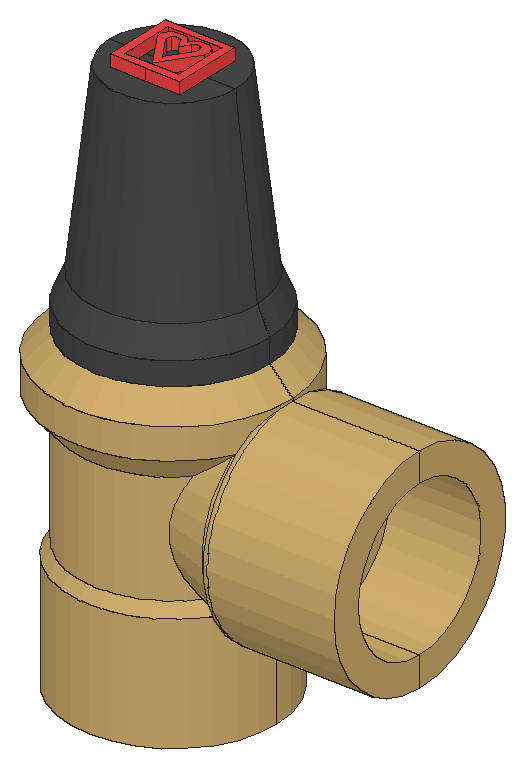
Revit family "pressure Relief safety valve 26xx", category Rohrzubehör, Revit 2020
Family settings
  Bemaßung runder Anschluss = Durchmesser verwenden
  Teiletyp = Normal
  OmniClass-Nummer = 23.65.55.14
  OmniClass-Titel = Valves for Liquid Services
  Arbeitsebenenbasiert = Nein
  Immer vertikal = Ja
  Beim Laden mit Abzugskörper schneiden = Nein
  Gemeinsam genutzt = Nein
Parameters (values of type "PN8")
  min. Temperature = 0 °C  # constant formula
  max. Temperature = 110 °C  # constant formula
  Weight [instance] = if(PN1.8, size_lookup("26XX_PN1.8", "Gewicht", 0.19, Nennweite), if(PN2.5, size_lookup("26XX_PN2.5", "Gewicht", 0.19, Nennweite), if(PN3, size_lookup("26XX_PN3", "Gewicht", 0.19, Nennweite), if(PN4, size_lookup("26XX_PN4", "Gewicht", 0.19, Nennweite), if(PN5, size_lookup("26XX_PN5", "Gewicht", 0.19, Nennweite), if(PN6, size_lookup("26XX_PN6", "Gewicht", 0.19, Nennweite), if(PN8, size_lookup("26XX_PN8", "Gewicht", 0.19, Nennweite), size_lookup("26XX_PN10", "Gewicht", 269501, Nennweite))))))))  # 0.118
  WS01 = 70.00°  # constant formula
  Vorgabe-Ansicht = 0.0000 mm
  URL = "www.herzvalves.com"
  Spring = "spring steel W.Nr. 1.4310"  # constant formula
  SCRNSEQ = "AWI;AWI_TYP=\"1015\";2"
  SCRNCODE = "05;21;02"  # constant formula
  S03 = 10.5000 mm  # constant formula
  S02 [instance] = H02 + H05  # 47.5000 mm
  S01 = 8.0000 mm  # constant formula
  R11 = 1.0000 mm  # constant formula
  R10 [instance] = (Nennweite Aus / 2) + 3.8000 mm  # 13.8000 mm
  R09 [instance] = Nennweite Aus / 2  # 10.0000 mm
  R08 [instance] = (Nennweite / 2) + 3.5000 mm  # 11.0000 mm
  R07 [instance] = R08 - 2.8000 mm  # 8.2000 mm
  R06 [instance] = Nennweite / 2  # 7.5000 mm
  R05 [instance] = Nennweite / 2  # 7.5000 mm
  R04 [instance] = if(PN1.8, size_lookup("26XX_PN1.8", "SW", 40.0000 mm, Nennweite), if(PN2.5, size_lookup("26XX_PN2.5", "SW", 40.0000 mm, Nennweite), if(PN3, size_lookup("26XX_PN3", "SW", 40.0000 mm, Nennweite), if(PN4, size_lookup("26XX_PN4", "SW", 40.0000 mm, Nennweite), if(PN5, size_lookup("26XX_PN5", "SW", 40.0000 mm, Nennweite), if(PN6, size_lookup("26XX_PN6", "SW", 40.0000 mm, Nennweite), if(PN8, size_lookup("26XX_PN8", "SW", 40.0000 mm, Nennweite), size_lookup("26XX_PN10", "SW", 269501.0000 mm, Nennweite))))))))  # 13.5000 mm
  R03 [instance] = (Nennweite / 2) + 5.0000 mm  # 12.5000 mm
  R02 [instance] = R04 + 2.0000 mm  # 15.5000 mm
  Part number [instance] = if(PN1.8, size_lookup("26XX_PN1.8", "Artnr", 0, Nennweite), if(PN2.5, size_lookup("26XX_PN2.5", "Artnr", 0, Nennweite), if(PN3, size_lookup("26XX_PN3", "Artnr", 0, Nennweite), if(PN4, size_lookup("26XX_PN4", "Artnr", 0, Nennweite), if(PN5, size_lookup("26XX_PN5", "Artnr", 0, Nennweite), if(PN6, size_lookup("26XX_PN6", "Artnr", 0, Nennweite), if(PN8, size_lookup("26XX_PN8", "Artnr", 0, Nennweite), size_lookup("26XX_PN10", "Artnr", 0, Nennweite))))))))  # 1268501
  PN8 = yes
  PN6 = no
  PN5 = no
  PN4 = no
  PN3 = no
  PN2.5 = no
  PN10 = no
  PN1.8 = no
  Nennweite Aus [instance] = if(PN1.8, size_lookup("26XX_PN1.8", "DN1", 38.1000 mm, Nennweite), if(PN2.5, size_lookup("26XX_PN2.5", "DN1", 38.1000 mm, Nennweite), if(PN3, size_lookup("26XX_PN3", "DN1", 38.1000 mm, Nennweite), if(PN4, size_lookup("26XX_PN4", "DN1", 38.1000 mm, Nennweite), if(PN5, size_lookup("26XX_PN5", "DN1", 38.1000 mm, Nennweite), if(PN6, size_lookup("26XX_PN6", "DN1", 38.1000 mm, Nennweite), if(PN8, size_lookup("26XX_PN8", "DN1", 38.1000 mm, Nennweite), size_lookup("26XX_PN10", "DN1", 38.1000 mm, Nennweite))))))))  # 20.0000 mm
  Nennweite [instance] = 15.0000 mm
  Name plate = "plastic PA6"  # constant formula
  Medium = "water purity in accordance with the ÖNORM H 5195 and VDI 2035 standards"
  Lid = "plastic PA6 (DN15-20), CW617N (DN25-32)"  # constant formula
  LO1 [instance] = H02 + H05 - 1.0000 mm  # 46.5000 mm
  L02 [instance] = if(PN1.8, size_lookup("26XX_PN1.8", "L2", 17.5000 mm, Nennweite), if(PN2.5, size_lookup("26XX_PN2.5", "L2", 17.5000 mm, Nennweite), if(PN3, size_lookup("26XX_PN3", "L2", 17.5000 mm, Nennweite), if(PN4, size_lookup("26XX_PN4", "L2", 17.5000 mm, Nennweite), if(PN5, size_lookup("26XX_PN5", "L2", 17.5000 mm, Nennweite), if(PN6, size_lookup("26XX_PN6", "L2", 17.5000 mm, Nennweite), if(PN8, size_lookup("26XX_PN8", "L2", 17.5000 mm, Nennweite), size_lookup("26XX_PN10", "L2", 269501.0000 mm, Nennweite))))))))  # 17.5000 mm
  L01 [instance] = if(PN1.8, size_lookup("26XX_PN1.8", "L1", 12.0000 mm, Nennweite), if(PN2.5, size_lookup("26XX_PN2.5", "L1", 12.0000 mm, Nennweite), if(PN3, size_lookup("26XX_PN3", "L1", 12.0000 mm, Nennweite), if(PN4, size_lookup("26XX_PN4", "L1", 12.0000 mm, Nennweite), if(PN5, size_lookup("26XX_PN5", "L1", 12.0000 mm, Nennweite), if(PN6, size_lookup("26XX_PN6", "L1", 12.0000 mm, Nennweite), if(PN8, size_lookup("26XX_PN8", "L1", 12.0000 mm, Nennweite), size_lookup("26XX_PN10", "L1", 269501.0000 mm, Nennweite))))))))  # 12.0000 mm
  L00 [instance] = if(PN1.8, size_lookup("26XX_PN1.8", "L", 52.0000 mm, Nennweite), if(PN2.5, size_lookup("26XX_PN2.5", "L", 52.0000 mm, Nennweite), if(PN3, size_lookup("26XX_PN3", "L", 52.0000 mm, Nennweite), if(PN4, size_lookup("26XX_PN4", "L", 52.0000 mm, Nennweite), if(PN5, size_lookup("26XX_PN5", "L", 52.0000 mm, Nennweite), if(PN6, size_lookup("26XX_PN6", "L", 52.0000 mm, Nennweite), if(PN8, size_lookup("26XX_PN8", "L", 52.0000 mm, Nennweite), size_lookup("26XX_PN10", "L", 269501.0000 mm, Nennweite))))))))  # 32.0000 mm
  Internal threaded connectors = "acc. to ISO 228-1"  # constant formula
  H08 [instance] = if(PN1.8, size_lookup("26XX_PN1.8", "H8", 21.0000 mm, Nennweite), if(PN2.5, size_lookup("26XX_PN2.5", "H8", 21.0000 mm, Nennweite), if(PN3, size_lookup("26XX_PN3", "H8", 21.0000 mm, Nennweite), if(PN4, size_lookup("26XX_PN4", "H8", 21.0000 mm, Nennweite), if(PN5, size_lookup("26XX_PN5", "H8", 21.0000 mm, Nennweite), if(PN6, size_lookup("26XX_PN6", "H8", 21.0000 mm, Nennweite), if(PN8, size_lookup("26XX_PN8", "H8", 21.0000 mm, Nennweite), size_lookup("26XX_PN10", "H8", 269501.0000 mm, Nennweite))))))))  # 6.5000 mm
  H07 [instance] = if(PN1.8, size_lookup("26XX_PN1.8", "H7", 3.0000 mm, Nennweite), if(PN2.5, size_lookup("26XX_PN2.5", "H7", 3.0000 mm, Nennweite), if(PN3, size_lookup("26XX_PN3", "H7", 3.0000 mm, Nennweite), if(PN4, size_lookup("26XX_PN4", "H7", 3.0000 mm, Nennweite), if(PN5, size_lookup("26XX_PN5", "H7", 3.0000 mm, Nennweite), if(PN6, size_lookup("26XX_PN6", "H7", 3.0000 mm, Nennweite), if(PN8, size_lookup("26XX_PN8", "H7", 3.0000 mm, Nennweite), size_lookup("26XX_PN10", "H7", 269501.0000 mm, Nennweite))))))))  # 3.0000 mm
  H06 [instance] = if(PN1.8, size_lookup("26XX_PN1.8", "H6", 15.0000 mm, Nennweite), if(PN2.5, size_lookup("26XX_PN2.5", "H6", 15.0000 mm, Nennweite), if(PN3, size_lookup("26XX_PN3", "H6", 15.0000 mm, Nennweite), if(PN4, size_lookup("26XX_PN4", "H6", 15.0000 mm, Nennweite), if(PN5, size_lookup("26XX_PN5", "H6", 15.0000 mm, Nennweite), if(PN6, size_lookup("26XX_PN6", "H6", 15.0000 mm, Nennweite), if(PN8, size_lookup("26XX_PN8", "H6", 15.0000 mm, Nennweite), size_lookup("26XX_PN10", "H6", 269501.0000 mm, Nennweite))))))))  # 15.0000 mm
  H05 [instance] = if(PN1.8, size_lookup("26XX_PN1.8", "H5", 30.0000 mm, Nennweite), if(PN2.5, size_lookup("26XX_PN2.5", "H5", 30.0000 mm, Nennweite), if(PN3, size_lookup("26XX_PN3", "H5", 30.0000 mm, Nennweite), if(PN4, size_lookup("26XX_PN4", "H5", 30.0000 mm, Nennweite), if(PN5, size_lookup("26XX_PN5", "H5", 30.0000 mm, Nennweite), if(PN6, size_lookup("26XX_PN6", "H5", 30.0000 mm, Nennweite), if(PN8, size_lookup("26XX_PN8", "H5", 30.0000 mm, Nennweite), size_lookup("26XX_PN10", "H5", 269501.0000 mm, Nennweite))))))))  # 30.5000 mm
  H04 [instance] = if(PN1.8, size_lookup("26XX_PN1.8", "H4", 12.0000 mm, Nennweite), if(PN2.5, size_lookup("26XX_PN2.5", "H4", 12.0000 mm, Nennweite), if(PN3, size_lookup("26XX_PN3", "H4", 12.0000 mm, Nennweite), if(PN4, size_lookup("26XX_PN4", "H4", 12.0000 mm, Nennweite), if(PN5, size_lookup("26XX_PN5", "H4", 12.0000 mm, Nennweite), if(PN6, size_lookup("26XX_PN6", "H4", 12.0000 mm, Nennweite), if(PN8, size_lookup("26XX_PN8", "H4", 12.0000 mm, Nennweite), size_lookup("26XX_PN10", "H4", 269501.0000 mm, Nennweite))))))))  # 12.0000 mm
  H00 [instance] = if(PN1.8, size_lookup("26XX_PN1.8", "H", 72.0000 mm, Nennweite), if(PN2.5, size_lookup("26XX_PN2.5", "H", 72.0000 mm, Nennweite), if(PN3, size_lookup("26XX_PN3", "H", 72.0000 mm, Nennweite), if(PN4, size_lookup("26XX_PN4", "H", 72.0000 mm, Nennweite), if(PN5, size_lookup("26XX_PN5", "H", 72.0000 mm, Nennweite), if(PN6, size_lookup("26XX_PN6", "H", 72.0000 mm, Nennweite), if(PN8, size_lookup("26XX_PN8", "H", 72.0000 mm, Nennweite), size_lookup("26XX_PN10", "H", 269501.0000 mm, Nennweite))))))))  # 72.0000 mm
  H03 [instance] = if(PN1.8, size_lookup("26XX_PN1.8", "H3", 4.0000 mm, Nennweite), if(PN2.5, size_lookup("26XX_PN2.5", "H3", 4.0000 mm, Nennweite), if(PN3, size_lookup("26XX_PN3", "H3", 4.0000 mm, Nennweite), if(PN4, size_lookup("26XX_PN4", "H3", 4.0000 mm, Nennweite), if(PN5, size_lookup("26XX_PN5", "H3", 4.0000 mm, Nennweite), if(PN6, size_lookup("26XX_PN6", "H3", 4.0000 mm, Nennweite), if(PN8, size_lookup("26XX_PN8", "H3", 4.0000 mm, Nennweite), size_lookup("26XX_PN10", "H3", 269501.0000 mm, Nennweite))))))))  # 4.0000 mm
  H02 [instance] = H00 - (H01 + H05)  # 17.0000 mm
  H01 [instance] = if(PN1.8, size_lookup("26XX_PN1.8", "H1", 30.0000 mm, Nennweite), if(PN2.5, size_lookup("26XX_PN2.5", "H1", 30.0000 mm, Nennweite), if(PN3, size_lookup("26XX_PN3", "H1", 30.0000 mm, Nennweite), if(PN4, size_lookup("26XX_PN4", "H1", 30.0000 mm, Nennweite), if(PN5, size_lookup("26XX_PN5", "H1", 30.0000 mm, Nennweite), if(PN6, size_lookup("26XX_PN6", "H1", 30.0000 mm, Nennweite), if(PN8, size_lookup("26XX_PN8", "H1", 30.0000 mm, Nennweite), size_lookup("26XX_PN10", "H1", 24.5000 mm, Nennweite))))))))  # 24.5000 mm
  Hersteller = "Herz-Armaturen GmbH"  # constant formula
  Field of application = "HERZ pressure relief valve is used as a protective element on the central heating boilers and in closed heating systems.\r\nit protects the boiler and installation against increased pressure.\r\nopening pressure is equal to the nominal pressure."
  Diaphragm = "VMQ-Silicon 50 Sha"  # constant formula
  DN32 [instance] = Nennweite = 32.0000 mm  # no
  DN25 [instance] = Nennweite = 25.0000 mm  # no
  DN20 [instance] = Nennweite = 20.0000 mm  # no
  DN15 [instance] = Nennweite = 15.0000 mm  # yes
  Cap = "plastic PA6"  # constant formula
  Body = "forged brass acc. to EN12165, CW617N"  # constant formula
Types (9, lengths in mm): name | Weight | S02 | R10 | R09 | R08 | R07 | R06 | R05 | R04 | R03 | R02 | Part number | PN8 | PN6 | PN5 | PN4 | PN3 | PN2.5 | PN10 | PN1.8 | Nennweite Aus | Nennweite | LO1 | L00 | H08 | H05 | H00 | H02 | H01 | DN32 | DN25 | DN20 | DN15
  (no name) | 0.118 | 47.5000 | 13.8000 | 10.0000 | 11.0000 | 8.2000 | 7.5000 | 7.5000 | 13.5000 | 12.5000 | 15.5000 | 1268501 | yes | no | no | no | no | no | no | no | 20.0000 | 15.0000 | 46.5000 | 32.0000 | 6.5000 | 30.5000 | 72.0000 | 17.0000 | 24.5000 | no | no | no | yes
  PN1.8 | 0.19 | 44.7500 | 16.3000 | 12.5000 | 13.5000 | 10.7000 | 10.0000 | 10.0000 | 16.0000 | 15.0000 | 18.0000 | 1261802 | no | no | no | no | no | no | no | yes | 25.0000 | 20.0000 | 43.7500 | 35.0000 | 9.7500 | 25.0000 | 72.0000 | 19.7500 | 27.2500 | no | no | yes | no
  PN2.5 | 0.118 | 47.5000 | 13.8000 | 10.0000 | 11.0000 | 8.2000 | 7.5000 | 7.5000 | 13.5000 | 12.5000 | 15.5000 | 1261101 | no | no | no | no | no | yes | no | no | 20.0000 | 15.0000 | 46.5000 | 32.0000 | 6.5000 | 30.5000 | 72.0000 | 17.0000 | 24.5000 | no | no | no | yes
  PN3 | 0.728 | 64.2500 | 23.8000 | 20.0000 | 19.5000 | 16.7000 | 16.0000 | 16.0000 | 25.0000 | 21.0000 | 27.0000 | 1261004 | no | no | no | no | yes | no | no | no | 40.0000 | 32.0000 | 63.2500 | 52.0000 | 21.5000 | 32.7500 | 97.0000 | 31.5000 | 32.7500 | yes | no | no | no
  PN4 | 0.118 | 47.5000 | 13.8000 | 10.0000 | 11.0000 | 8.2000 | 7.5000 | 7.5000 | 13.5000 | 12.5000 | 15.5000 | 1261501 | no | no | no | yes | no | no | no | no | 20.0000 | 15.0000 | 46.5000 | 32.0000 | 6.5000 | 30.5000 | 72.0000 | 17.0000 | 24.5000 | no | no | no | yes
  PN5 | 0.54 | 67.0000 | 19.8000 | 16.0000 | 16.0000 | 13.2000 | 12.5000 | 12.5000 | 20.5000 | 17.5000 | 22.5000 | 1265703 | no | no | yes | no | no | no | no | no | 32.0000 | 25.0000 | 66.0000 | 50.0000 | 13.0000 | 44.0000 | 97.0000 | 23.0000 | 30.0000 | no | yes | no | no
  PN6 | 0.118 | 47.5000 | 13.8000 | 10.0000 | 11.0000 | 8.2000 | 7.5000 | 7.5000 | 13.5000 | 12.5000 | 15.5000 | 1261301 | no | yes | no | no | no | no | no | no | 20.0000 | 15.0000 | 46.5000 | 32.0000 | 6.5000 | 30.5000 | 72.0000 | 17.0000 | 24.5000 | no | no | no | yes
  PN8 | 0.118 | 47.5000 | 13.8000 | 10.0000 | 11.0000 | 8.2000 | 7.5000 | 7.5000 | 13.5000 | 12.5000 | 15.5000 | 1268501 | yes | no | no | no | no | no | no | no | 20.0000 | 15.0000 | 46.5000 | 32.0000 | 6.5000 | 30.5000 | 72.0000 | 17.0000 | 24.5000 | no | no | no | yes
  PN10 | 0.118 | 47.5000 | 13.8000 | 10.0000 | 11.0000 | 8.2000 | 7.5000 | 7.5000 | 13.5000 | 12.5000 | 15.5000 | 1269501 | no | no | no | no | no | no | yes | no | 20.0000 | 15.0000 | 46.5000 | 32.0000 | 6.5000 | 30.5000 | 72.0000 | 17.0000 | 24.5000 | no | no | no | yes
Reference planes
  plane 1 "Mitte (Vorne/hinten)": y = 0
  plane 2: z = 0
  plane 3 "Mitte (Links/rechts)": x = 0
Forms (mm)
  Revolve 1, solid, material "Kunststoff schwarz", detail levels fine
    sketch origin (0, 0, 0) x (1, 0, 0) y (0, 0, 1)
      loop
        line (0, 47.5) -> (-8.2, 47.5) -> (-11, 23.493) -> (-12.5, 20) -> (-12.5, 17) -> (0, 17) -> (0, 47.5)
      axis (0, 47.5) -> (0, 17)
    angle from 0 to 360
  Revolve 2, solid, material "Messing", detail levels fine
    sketch origin (0, 0, 0) x (1, 0, 0) y (0, 0, 1)
      loop
        line (-15.5, 14) -> (-15.5, 10) -> (-12.5, 6.5) -> (-12.5, -7.886) -> (-13.5, -9.5) -> (-13.5, -24.5) -> (-7.5, -24.5) -> (-7.5, -12.5) -> (0, -12.5) -> (0, 17) -> (-12.5, 17) -> (-15.5, 14)
      axis (0, 17) -> (0, -24.5)
    angle from 0 to 360
  Revolve 3, solid, material "Messing", detail levels fine
    sketch origin (18.5, 0, 0) x (1, 0, 0) y (0, 0, 1)
      loop
        line (13.5, 10) -> (13.5, 13.8) -> (-3.06, 13.8)
        arc (-3.06, 13.8) -> (-3.634, 13.619) -> (-4, 13.142) r 1
        arc (-4, 13.142) -> (-4.293, 12.435) -> (-5, 12.142) r 1
        line (-5, 12.142) -> (-18.5, 7.5) -> (-18.5, 0) -> (1.5, 0) -> (1.5, 10) -> (13.5, 10)
      axis (-18.5, 0) -> (13.5, 0)
    angle from 0 to 360
Lines and regions (mm)
  model lines, detail levels coarse+medium
    curve 1: line (0.003, 0, -0.007) -> (0.003, 0, 47.5)
    curve 2: line (0.003, 0, -0.007) -> (-13.5, 0, -24.5)
    curve 3: line (-13.5, 0, -24.5) -> (13.5, 0, -24.5)
    curve 4: line (13.5, 0, -24.5) -> (0.003, 0, -0.007)
    curve 5: line (0.003, 0, -0.007) -> (32, 0, -13.8)
    curve 6: line (32, 0, -13.8) -> (32, 0, 13.8)
    curve 7: line (32, 0, 13.8) -> (0.003, 0, -0.007)
    curve 8: line (-10.5, 0, 48.643) -> (10.5, 0, 41)
    curve 9: line (-10.5, 0, 40.643) -> (10.5, 0, 33)
    curve 10: line (-10.5, 0, 32.643) -> (10.5, 0, 25)
    curve 11: line (-10.5, 0, 24.643) -> (10.5, 0, 17)
    curve 12: line (0, 0, 0) -> (32, 13.8, 0)
    curve 13: line (32, 13.8, 0) -> (32, -13.8, 0)
    curve 14: line (32, -13.8, 0) -> (0, 0, 0)
    curve 15: line (0, 0, 0) -> (-13.5, -24.5, 0)
    curve 16: line (-13.5, -24.5, 0) -> (13.5, -24.5, 0)
    curve 17: line (13.5, -24.5, 0) -> (0, 0, 0)
    curve 18: line (0, 0, 0) -> (0, 47.5, 0)
    curve 19: line (-10.5, 48.643, 0) -> (10.5, 41, 0)
    curve 20: line (-10.5, 40.643, 0) -> (10.5, 33, 0)
    curve 21: line (-10.5, 32.643, 0) -> (10.5, 25, 0)
    curve 22: line (-10.5, 24.643, 0) -> (10.5, 17, 0)
Dimensions and locks
  "R03": Revolve 2 sketch curve to Revolve 2 sketch curve  (x2)
  "R02": Revolve 2 sketch curve to Revolve 2 sketch curve
  "R04": Revolve 2 sketch curve to Revolve 2 sketch curve
  "R05": Revolve 2 sketch curve to Revolve 2 sketch curve
  "H01": level to Revolve 2 sketch curve
  "H02": Revolve 2 sketch curve to level
  "R03": Revolve 1 sketch curve to Revolve 1 sketch curve
  "R07": Revolve 1 sketch curve to Revolve 1 sketch curve
  "R08": Revolve 1 sketch curve to Revolve 1 sketch curve
  "R06": Revolve 3 sketch curve to Revolve 3 sketch curve
  "R09": Revolve 3 sketch curve to Revolve 3 sketch curve
  "R10": Revolve 3 sketch curve to Revolve 3 sketch curve
  "L00": Revolve 3 sketch curve to Revolve 3 sketch curve
  "H05": Revolve 1 sketch curve to Revolve 1 sketch curve
  "L01": Revolve 3 sketch curve to Revolve 3 sketch curve
  "H04": Revolve 2 sketch curve to Revolve 2 sketch curve
  "L02": Revolve 3 sketch curve to Revolve 3 sketch curve
  "H06": Revolve 2 sketch curve to Revolve 2 sketch curve
  "H02": Revolve 1 sketch curve to plane 2
  "H00": Revolve 1 to Revolve 2
  "H07": Revolve 2 sketch curve to Revolve 2 sketch curve
  "H07": Revolve 1 sketch curve to Revolve 1 sketch curve
  "H08": Revolve 2 sketch curve to plane 2
  "S02": curve 1 to plane 2
  "H01": plane 2 to curve 3
  "R04": curve 4 to plane 3 "Mitte (Links/rechts)" to curve 3
  "L00": curve 6 to plane 3 "Mitte (Links/rechts)"
  "R10": curve 7 to plane 2 to curve 6
  "S03": curve 8 to plane 3 "Mitte (Links/rechts)" to curve 8
  "S01": curve 8 to curve 9
  "S01": curve 9 to curve 10
  "S01": curve 10 to curve 11
  "H02": curve 11 to plane 2
  "L00": plane 3 "Mitte (Links/rechts)" to curve 13
  "R10": curve 14 to plane 1 "Mitte (Vorne/hinten)" to curve 13
  "H01": curve 16 to plane 1 "Mitte (Vorne/hinten)"
  "R04": curve 16 to plane 3 "Mitte (Links/rechts)" to curve 17
  "S02": plane 1 "Mitte (Vorne/hinten)" to curve 18
  "S03": curve 19 to plane 3 "Mitte (Links/rechts)" to curve 19
  "S01": curve 19 to curve 20
  "S01": curve 20 to curve 21
  "S01": curve 21 to curve 22
  "H02": plane 1 "Mitte (Vorne/hinten)" to curve 22
  "S02": nested 1 to plane 2
  "R11": radius of Revolve 3 sketch curve  (x2)
  "WS01": angle plane 3 "Mitte (Links/rechts)" to curve 8
  "WS01": angle plane 3 "Mitte (Links/rechts)" to curve 9
  "WS01": angle plane 3 "Mitte (Links/rechts)" to curve 10
  "WS01": angle plane 3 "Mitte (Links/rechts)" to curve 11
  "WS01": angle plane 3 "Mitte (Links/rechts)" to curve 19
  "WS01": angle plane 3 "Mitte (Links/rechts)" to curve 20
  "WS01": angle plane 3 "Mitte (Links/rechts)" to curve 21
  "WS01": angle plane 3 "Mitte (Links/rechts)" to curve 22
  aligned and locked: level to plane 2
Automatic sketch dimensions
  plane 3 "Mitte (Links/rechts)" to curve 4 = 0.0034 mm
  curve 4 to level = 0.0072 mm
  curve 11 to plane 3 "Mitte (Links/rechts)" = 10.5000 mm
  curve 10 to curve 11 = 0.0000 mm
  curve 8 to curve 9 = 0.0000 mm
  plane 1 "Mitte (Vorne/hinten)" to curve 14 = 0.0000 mm
  curve 14 to plane 3 "Mitte (Links/rechts)" = 0.0000 mm
  curve 20 to curve 19 = 0.0000 mm
  curve 21 to curve 20 = 0.0000 mm
  curve 22 to curve 21 = 0.0000 mm
  Revolve 1 sketch curve to plane 3 "Mitte (Links/rechts)" = 0.0000 mm  (x2)
  Revolve 1 sketch curve to Revolve 1 sketch curve = 3.4935 mm
  Revolve 1 sketch curve to level = 366.0447 mm
  Revolve 1 sketch curve to Revolve 1 sketch curve = 0.0000 mm
  Revolve 2 sketch curve to plane 3 "Mitte (Links/rechts)" = 0.0000 mm  (x2)
  Revolve 2 sketch curve to Revolve 2 sketch curve = 1.6143 mm
  Revolve 2 sketch curve to Revolve 2 sketch curve = 4.0000 mm
  Revolve 2 sketch curve to Revolve 2 sketch curve = 336.0447 mm
  Revolve 2 sketch curve to Revolve 2 sketch curve = 2186.6924 mm
  Revolve 3 sketch curve to level = 0.0000 mm  (x2)
  Revolve 3 sketch curve to plane 3 "Mitte (Links/rechts)" = 0.0000 mm
  Revolve 3 sketch curve to Revolve 3 sketch curve = 0.9397 mm
  Revolve 3 sketch curve to Revolve 3 sketch curve = 1333.4903 mm
  Revolve 3 sketch curve to Revolve 3 sketch curve = 1867.4827 mm
Nested families
  nested 1: "Herz-Logo" at (0, 0, 47.5), type "Herz-Logo"
Connectors
  piping at (20, 0, 0), diameter 20, driven by "Nennweite Aus"
    settings: on Revolve 3, index 1, connector inside diameter 609.6 mm, connector length 0.0000 mm, flow factor 0, pipe flow 0.0 L/s, pressure drop 0.0 Pa, fitting loss kfactor 0, connector angle 0.00°, fixture units 0, engagement length 0.0000 mm, angle of deflection 0.00°, flow configuration 0, flow direction 2, fitting loss method 0, system type 29, joint type 0, gender type 0, connector reference index -1, connector utility 0, adjustable connector no, is connector primary yes, connector description ""
  piping at (0, 0, -12.5), diameter 15, driven by "Nennweite"
    settings: on Revolve 2, index 2, connector inside diameter 609.6 mm, connector length 0.0000 mm, flow factor 0, pipe flow 0.0 L/s, pressure drop 0.0 Pa, fitting loss kfactor 0, connector angle 0.00°, fixture units 0, engagement length 0.0000 mm, angle of deflection 0.00°, flow configuration 0, flow direction 1, fitting loss method 0, system type 29, joint type 0, gender type 0, connector reference index -1, connector utility 0, adjustable connector no, is connector primary no, connector description ""
Definition of nested family "Herz-Logo"
  Parameters (values of type "Herz-Logo")
    Default Elevation = 0.0000 mm
  Reference planes
    plane 1 "Mitte (Vorne/hinten)": y = 0
    plane 2: z = 0
    plane 3 "Mitte (Links/rechts)": x = 0
  Forms (mm)
    Extrusion 1, solid
      sketch origin (0, 0, 0) x (1, 0, 0) y (0, 1, 0)
        loop
          line (-0.018, -4.517) -> (4.482, -4.517) -> (4.482, 4.483) -> (-4.518, 4.483) -> (-4.518, -4.517) -> (-0.018, -4.517)
        loop
          line (-0.05, -3.48) -> (3.482, -3.48) -> (3.482, 3.483) -> (-3.518, 3.483) -> (-3.518, -3.48) -> (-0.05, -3.48)
        loop
          arc (-0.018, 2.383) -> (-1.543, 3.287) -> (-3.067, 2.383) r 1.738
          arc (-3.067, 2.383) -> (-3.191, 1.899) -> (-3.067, 1.415) r 1.009
          line (-3.067, 1.415) -> (-0.018, -3.281) -> (3.032, 1.415)
          arc (3.032, 1.415) -> (3.156, 1.899) -> (3.032, 2.383) r 1.009
          arc (3.032, 2.383) -> (1.507, 3.287) -> (-0.018, 2.383) r 1.738
        loop
          arc (1.885, 1.272) -> (2.005, 1.675) -> (1.885, 2.079) r 0.74
          arc (1.885, 2.079) -> (1.265, 2.416) -> (0.644, 2.079) r 0.74
          line (0.644, 2.079) -> (-0.018, 0.97) -> (-0.679, 2.079)
          arc (-0.679, 2.079) -> (-1.3, 2.416) -> (-1.921, 2.079) r 0.74
          arc (-1.921, 2.079) -> (-2.04, 1.675) -> (-1.921, 1.272) r 0.74
          line (-1.921, 1.272) -> (-0.018, -1.658) -> (1.885, 1.272)
      from 0 to 1.5
  Dimensions and locks
    aligned and locked: level to plane 2
